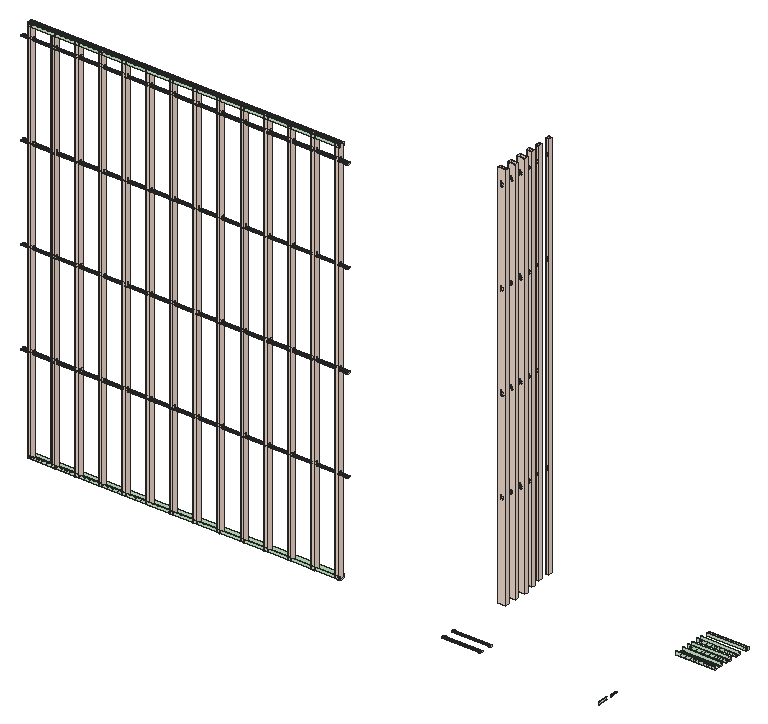
Revit family "SQ-PowerBar.", category 一般モデル, Revit 2022 (continued)
Definition of nested family "SQ-PowerBar4565"
  Automatic sketch dimensions
    Extrusion 5 sketch curve to Extrusion 5 sketch curve = 1.079 mm
    Extrusion 5 sketch curve to Extrusion 5 sketch curve = 1.709 mm
    Extrusion 5 sketch curve to Extrusion 5 sketch curve = 2.5 mm  (x2)
    Extrusion 5 sketch curve to Extrusion 5 sketch curve = 2.349 mm  (x2)
    Extrusion 5 sketch curve to Extrusion 5 sketch curve = 3.036 mm  (x2)
    Extrusion 5 sketch curve to Extrusion 5 sketch curve = 0.615 mm  (x2)
    Extrusion 5 sketch curve to Extrusion 5 sketch curve = 2.803 mm  (x2)
    Extrusion 5 sketch curve to Extrusion 5 sketch curve = 2.545 mm  (x2)
    Extrusion 5 sketch curve to Extrusion 5 sketch curve = 11.922 mm
    Extrusion 5 sketch curve to Extrusion 5 sketch curve = 3.078 mm
    Extrusion 5 sketch curve to Extrusion 5 sketch curve = 17.889 mm
    Extrusion 5 sketch curve to Extrusion 5 sketch curve = 5.611 mm
    Extrusion 5 sketch curve to Extrusion 5 sketch curve = 1.772 mm
Definition of nested family "SQ-PowerBar45100(t0.45) "
  Parameters (values of type "SQ-PowerBar45100(t0.45) ")
    Manufacturer = "株式会社桐井製作所"
    Default Elevation = 0 mm
    振れ止め本数 [instance] = roundup(([K_長さ(mm)] - 1200 mm) * 1 / 振れ止めピッチ) * 1  # 4
    振れ止めピッチ = 1200 mm  # constant formula
    URL = "https://www.kirii.co.jp/"
    K_長さ(mm) [instance] = 5000 mm
    K_外形寸法(mm) = "45×100×0.45"
    K_品名 = "SQ-PowerBar45100(t0.45)"
    K_名称 = "スタッド"
    K_バージョン情報 = "20210714"
  Reference planes
    plane 1 "中心(正面/背面)": y = 0
    plane 2: z = 0
    plane 3 "中心(左/右)": x = 0
    plane 4: x = 50
    plane 5: x = -50
    plane 6: y = 22.5
    plane 7: z = 5000
    plane 8: y = -22.5
    plane 9: z = 1200
  Forms (mm)
    Extrusion 1, solid
      sketch origin (0.5, -20, 0) x (1, 0, 0) y (0, 1, 0)
        loop
          line (-50.5, 42.5) -> (-50.5, -2.5) -> (49.5, -2.5) -> (49.5, 42.5) -> (-50.5, 42.5)
        loop
          line (-50.05, 42.05) -> (-50.05, -2.05) -> (49.05, -2.05) -> (49.05, 42.05) -> (-50.05, 42.05)
      from 0 to 5000
    Extrusion 2, void
      sketch origin (0, 0, 0) x (1, 0, 0) y (0, 0, 1)
        loop
          line (-11, 1200) -> (11, 1200) -> (11, 1202.5) -> (17, 1202.5)
          arc (17, 1202.5) -> (18.637, 1203.351) -> (18.881, 1205.18) r 2
          line (18.881, 1205.18) -> (17.907, 1207.885)
          arc (17.907, 1207.885) -> (17.8, 1208.52) -> (17.921, 1209.153) r 1.817
          line (17.921, 1209.153) -> (19, 1211.955) -> (19, 1214.5) -> (20.772, 1226.411)
          arc (20.772, 1226.411) -> (19.036, 1238.367) -> (11, 1247.389) r 21
          line (11, 1247.389) -> (11, 1253) -> (-11, 1253) -> (-11, 1247.389)
          arc (-11, 1247.389) -> (-19.034, 1238.372) -> (-20.773, 1226.422) r 21
          line (-20.773, 1226.422) -> (-19, 1214.5) -> (-19, 1211.955) -> (-17.921, 1209.153)
          arc (-17.921, 1209.153) -> (-17.8, 1208.52) -> (-17.907, 1207.885) r 1.817
          line (-17.907, 1207.885) -> (-18.881, 1205.18)
          arc (-18.881, 1205.18) -> (-18.637, 1203.351) -> (-17, 1202.5) r 2
          line (-17, 1202.5) -> (-11, 1202.5) -> (-11, 1200)
      from -22.5 to 22.5
    Extrusion 3, void
      sketch origin (0, 0, 1200) x (1, 0, 0) y (0, 0, 1)
        loop
          line (-11, 1200) -> (11, 1200) -> (11, 1202.5) -> (17, 1202.5)
          arc (17, 1202.5) -> (18.637, 1203.351) -> (18.881, 1205.18) r 2
          line (18.881, 1205.18) -> (17.907, 1207.885)
          arc (17.907, 1207.885) -> (17.8, 1208.52) -> (17.921, 1209.153) r 1.817
          line (17.921, 1209.153) -> (19, 1211.955) -> (19, 1214.5) -> (20.772, 1226.411)
          arc (20.772, 1226.411) -> (19.036, 1238.367) -> (11, 1247.389) r 21
          line (11, 1247.389) -> (11, 1253) -> (-11, 1253) -> (-11, 1247.389)
          arc (-11, 1247.389) -> (-19.034, 1238.372) -> (-20.773, 1226.422) r 21
          line (-20.773, 1226.422) -> (-19, 1214.5) -> (-19, 1211.955) -> (-17.921, 1209.153)
          arc (-17.921, 1209.153) -> (-17.8, 1208.52) -> (-17.907, 1207.885) r 1.817
          line (-17.907, 1207.885) -> (-18.881, 1205.18)
          arc (-18.881, 1205.18) -> (-18.637, 1203.351) -> (-17, 1202.5) r 2
          line (-17, 1202.5) -> (-11, 1202.5) -> (-11, 1200)
      from -22.5 to 22.5
    Extrusion 4, void
      sketch origin (0, 0, 2400) x (1, 0, 0) y (0, 0, 1)
        loop
          line (-11, 1200) -> (11, 1200) -> (11, 1202.5) -> (17, 1202.5)
          arc (17, 1202.5) -> (18.637, 1203.351) -> (18.881, 1205.18) r 2
          line (18.881, 1205.18) -> (17.907, 1207.885)
          arc (17.907, 1207.885) -> (17.8, 1208.52) -> (17.921, 1209.153) r 1.817
          line (17.921, 1209.153) -> (19, 1211.955) -> (19, 1214.5) -> (20.772, 1226.411)
          arc (20.772, 1226.411) -> (19.036, 1238.367) -> (11, 1247.389) r 21
          line (11, 1247.389) -> (11, 1253) -> (-11, 1253) -> (-11, 1247.389)
          arc (-11, 1247.389) -> (-19.034, 1238.372) -> (-20.773, 1226.422) r 21
          line (-20.773, 1226.422) -> (-19, 1214.5) -> (-19, 1211.955) -> (-17.921, 1209.153)
          arc (-17.921, 1209.153) -> (-17.8, 1208.52) -> (-17.907, 1207.885) r 1.817
          line (-17.907, 1207.885) -> (-18.881, 1205.18)
          arc (-18.881, 1205.18) -> (-18.637, 1203.351) -> (-17, 1202.5) r 2
          line (-17, 1202.5) -> (-11, 1202.5) -> (-11, 1200)
      from -22.5 to 22.5
    Extrusion 5, void
      sketch origin (0, 0, 3600) x (1, 0, 0) y (0, 0, 1)
        loop
          line (-11, 1200) -> (11, 1200) -> (11, 1202.5) -> (17, 1202.5)
          arc (17, 1202.5) -> (18.637, 1203.351) -> (18.881, 1205.18) r 2
          line (18.881, 1205.18) -> (17.907, 1207.885)
          arc (17.907, 1207.885) -> (17.8, 1208.52) -> (17.921, 1209.153) r 1.817
          line (17.921, 1209.153) -> (19, 1211.955) -> (19, 1214.5) -> (20.772, 1226.411)
          arc (20.772, 1226.411) -> (19.036, 1238.367) -> (11, 1247.389) r 21
          line (11, 1247.389) -> (11, 1253) -> (-11, 1253) -> (-11, 1247.389)
          arc (-11, 1247.389) -> (-19.034, 1238.372) -> (-20.773, 1226.422) r 21
          line (-20.773, 1226.422) -> (-19, 1214.5) -> (-19, 1211.955) -> (-17.921, 1209.153)
          arc (-17.921, 1209.153) -> (-17.8, 1208.52) -> (-17.907, 1207.885) r 1.817
          line (-17.907, 1207.885) -> (-18.881, 1205.18)
          arc (-18.881, 1205.18) -> (-18.637, 1203.351) -> (-17, 1202.5) r 2
          line (-17, 1202.5) -> (-11, 1202.5) -> (-11, 1200)
      from -22.5 to 22.5
  Cuts and joins
    Extrusion 2, Extrusion 3, Extrusion 4, Extrusion 5 cuts Extrusion 1
  Dimensions and locks
    "K_長さ(mm)": plane 7 to level
    "振れ止めピッチ": plane 9 to plane 2
    equal spacing: group 1, group 2, group 3, group 4  (x3)
    aligned and locked: level to plane 2
    aligned and locked: Extrusion 1 sketch curve to plane 6
    aligned and locked: plane 7 to Extrusion 1
    aligned and locked: plane 6 to Extrusion 1
    aligned and locked: Extrusion 1 to plane 8
    aligned and locked: plane 4 to Extrusion 1
    aligned and locked: Extrusion 1 to plane 5
    aligned and locked: plane 4 to cut or joined group of Extrusion 1, Extrusion 2, Extrusion 3, Extrusion 4, Extrusion 5
    aligned and locked: plane 5 to cut or joined group of Extrusion 1, Extrusion 2, Extrusion 3, Extrusion 4, Extrusion 5
    aligned and locked: plane 8 to cut or joined group of Extrusion 1, Extrusion 2, Extrusion 3, Extrusion 4, Extrusion 5
    aligned and locked: cut or joined group of Extrusion 1, Extrusion 2, Extrusion 3, Extrusion 4, Extrusion 5 to plane 9
  Automatic sketch dimensions
    Extrusion 1 sketch curve to plane 5 = 0 mm
    Extrusion 1 sketch curve to plane 4 = 0 mm
    Extrusion 1 sketch curve to plane 8 = 0 mm
    plane 5 to Extrusion 1 sketch curve = 0.45 mm
    Extrusion 1 sketch curve to plane 4 = 0.45 mm
    plane 8 to Extrusion 1 sketch curve = 0.45 mm
    Extrusion 1 sketch curve to plane 6 = 0.45 mm
    Extrusion 2 sketch curve to Extrusion 2 sketch curve = 0 mm  (x4)
    Extrusion 2 sketch curve to Extrusion 2 sketch curve = 1.156 mm
    Extrusion 2 sketch curve to Extrusion 2 sketch curve = 0.617 mm
    Extrusion 2 sketch curve to Extrusion 2 sketch curve = 0.736 mm
    Extrusion 2 sketch curve to Extrusion 2 sketch curve = 1.695 mm  (x2)
    Extrusion 2 sketch curve to Extrusion 2 sketch curve = 0.014 mm  (x2)
    Extrusion 2 sketch curve to Extrusion 2 sketch curve = 1.881 mm  (x2)
    Extrusion 2 sketch curve to Extrusion 2 sketch curve = 9.773 mm
    Extrusion 2 sketch curve to Extrusion 2 sketch curve = 6 mm  (x2)
    Extrusion 2 sketch curve to Extrusion 2 sketch curve = 11 mm
    Extrusion 2 sketch curve to Extrusion 2 sketch curve = 22 mm  (x2)
    Extrusion 2 sketch curve to Extrusion 2 sketch curve = 0.907 mm
    Extrusion 2 sketch curve to Extrusion 2 sketch curve = 1.079 mm
    Extrusion 2 sketch curve to Extrusion 2 sketch curve = 2.5 mm  (x2)
    Extrusion 2 sketch curve to Extrusion 2 sketch curve = 2 mm  (x2)
    Extrusion 2 sketch curve to Extrusion 2 sketch curve = 2.705 mm  (x2)
    Extrusion 2 sketch curve to Extrusion 2 sketch curve = 0.615 mm  (x2)
    Extrusion 2 sketch curve to Extrusion 2 sketch curve = 2.803 mm  (x2)
    Extrusion 2 sketch curve to Extrusion 2 sketch curve = 2.545 mm  (x2)
    Extrusion 2 sketch curve to Extrusion 2 sketch curve = 11.922 mm
    Extrusion 2 sketch curve to Extrusion 2 sketch curve = 3.078 mm
    Extrusion 2 sketch curve to Extrusion 2 sketch curve = 17.889 mm
    Extrusion 2 sketch curve to Extrusion 2 sketch curve = 5.611 mm
    Extrusion 2 sketch curve to Extrusion 2 sketch curve = 1.772 mm
    Extrusion 3 sketch curve to Extrusion 3 sketch curve = 0 mm  (x4)
    Extrusion 3 sketch curve to Extrusion 3 sketch curve = 1.156 mm
    Extrusion 3 sketch curve to Extrusion 3 sketch curve = 0.617 mm
    Extrusion 3 sketch curve to Extrusion 3 sketch curve = 0.736 mm
    Extrusion 3 sketch curve to Extrusion 3 sketch curve = 1.695 mm  (x2)
    Extrusion 3 sketch curve to Extrusion 3 sketch curve = 0.014 mm  (x2)
    Extrusion 3 sketch curve to Extrusion 3 sketch curve = 1.881 mm  (x2)
    Extrusion 3 sketch curve to Extrusion 3 sketch curve = 9.773 mm
    Extrusion 3 sketch curve to Extrusion 3 sketch curve = 6 mm  (x2)
    Extrusion 3 sketch curve to Extrusion 3 sketch curve = 11 mm
    Extrusion 3 sketch curve to Extrusion 3 sketch curve = 22 mm  (x2)
    Extrusion 3 sketch curve to Extrusion 3 sketch curve = 0.907 mm
    Extrusion 3 sketch curve to Extrusion 3 sketch curve = 1.079 mm
    Extrusion 3 sketch curve to Extrusion 3 sketch curve = 2.5 mm  (x2)
    Extrusion 3 sketch curve to Extrusion 3 sketch curve = 2 mm  (x2)
    Extrusion 3 sketch curve to Extrusion 3 sketch curve = 2.705 mm  (x2)
    Extrusion 3 sketch curve to Extrusion 3 sketch curve = 0.615 mm  (x2)
    Extrusion 3 sketch curve to Extrusion 3 sketch curve = 2.803 mm  (x2)
    Extrusion 3 sketch curve to Extrusion 3 sketch curve = 2.545 mm  (x2)
    Extrusion 3 sketch curve to Extrusion 3 sketch curve = 11.922 mm
    Extrusion 3 sketch curve to Extrusion 3 sketch curve = 3.078 mm
    Extrusion 3 sketch curve to Extrusion 3 sketch curve = 17.889 mm
    Extrusion 3 sketch curve to Extrusion 3 sketch curve = 5.611 mm
    Extrusion 3 sketch curve to Extrusion 3 sketch curve = 1.772 mm
    Extrusion 4 sketch curve to Extrusion 4 sketch curve = 0 mm  (x4)
    Extrusion 4 sketch curve to Extrusion 4 sketch curve = 1.156 mm
    Extrusion 4 sketch curve to Extrusion 4 sketch curve = 0.617 mm
    Extrusion 4 sketch curve to Extrusion 4 sketch curve = 0.736 mm
    Extrusion 4 sketch curve to Extrusion 4 sketch curve = 1.695 mm  (x2)
    Extrusion 4 sketch curve to Extrusion 4 sketch curve = 0.014 mm  (x2)
    Extrusion 4 sketch curve to Extrusion 4 sketch curve = 1.881 mm  (x2)
    Extrusion 4 sketch curve to Extrusion 4 sketch curve = 9.773 mm
    Extrusion 4 sketch curve to Extrusion 4 sketch curve = 6 mm  (x2)
    Extrusion 4 sketch curve to Extrusion 4 sketch curve = 11 mm
    Extrusion 4 sketch curve to Extrusion 4 sketch curve = 22 mm  (x2)
    Extrusion 4 sketch curve to Extrusion 4 sketch curve = 0.907 mm
    Extrusion 4 sketch curve to Extrusion 4 sketch curve = 1.079 mm
    Extrusion 4 sketch curve to Extrusion 4 sketch curve = 2.5 mm  (x2)
    Extrusion 4 sketch curve to Extrusion 4 sketch curve = 2 mm  (x2)
    Extrusion 4 sketch curve to Extrusion 4 sketch curve = 2.705 mm  (x2)
    Extrusion 4 sketch curve to Extrusion 4 sketch curve = 0.615 mm  (x2)
    Extrusion 4 sketch curve to Extrusion 4 sketch curve = 2.803 mm  (x2)
    Extrusion 4 sketch curve to Extrusion 4 sketch curve = 2.545 mm  (x2)
    Extrusion 4 sketch curve to Extrusion 4 sketch curve = 11.922 mm
    Extrusion 4 sketch curve to Extrusion 4 sketch curve = 3.078 mm
    Extrusion 4 sketch curve to Extrusion 4 sketch curve = 17.889 mm
    Extrusion 4 sketch curve to Extrusion 4 sketch curve = 5.611 mm
    Extrusion 4 sketch curve to Extrusion 4 sketch curve = 1.772 mm
    Extrusion 5 sketch curve to Extrusion 5 sketch curve = 0 mm  (x4)
    Extrusion 5 sketch curve to Extrusion 5 sketch curve = 1.156 mm
    Extrusion 5 sketch curve to Extrusion 5 sketch curve = 0.617 mm
    Extrusion 5 sketch curve to Extrusion 5 sketch curve = 0.736 mm
    Extrusion 5 sketch curve to Extrusion 5 sketch curve = 1.695 mm  (x2)
    Extrusion 5 sketch curve to Extrusion 5 sketch curve = 0.014 mm  (x2)
    Extrusion 5 sketch curve to Extrusion 5 sketch curve = 1.881 mm  (x2)
    Extrusion 5 sketch curve to Extrusion 5 sketch curve = 9.773 mm
    Extrusion 5 sketch curve to Extrusion 5 sketch curve = 6 mm  (x2)
    Extrusion 5 sketch curve to Extrusion 5 sketch curve = 11 mm
    Extrusion 5 sketch curve to Extrusion 5 sketch curve = 22 mm  (x2)
    Extrusion 5 sketch curve to Extrusion 5 sketch curve = 0.907 mm
    Extrusion 5 sketch curve to Extrusion 5 sketch curve = 1.079 mm
    Extrusion 5 sketch curve to Extrusion 5 sketch curve = 2.5 mm  (x2)
    Extrusion 5 sketch curve to Extrusion 5 sketch curve = 2 mm  (x2)
    Extrusion 5 sketch curve to Extrusion 5 sketch curve = 2.705 mm  (x2)
    Extrusion 5 sketch curve to Extrusion 5 sketch curve = 0.615 mm  (x2)
    Extrusion 5 sketch curve to Extrusion 5 sketch curve = 2.803 mm  (x2)
    Extrusion 5 sketch curve to Extrusion 5 sketch curve = 2.545 mm  (x2)
    Extrusion 5 sketch curve to Extrusion 5 sketch curve = 11.922 mm
    Extrusion 5 sketch curve to Extrusion 5 sketch curve = 3.078 mm
    Extrusion 5 sketch curve to Extrusion 5 sketch curve = 17.889 mm
    Extrusion 5 sketch curve to Extrusion 5 sketch curve = 5.611 mm
    Extrusion 5 sketch curve to Extrusion 5 sketch curve = 1.772 mm
Definition of nested family "SQ-PowerBar45100(t1.0)"
  Parameters (values of type "SQ-PowerBar45100(t1.0)")
    Manufacturer = "株式会社桐井製作所"
    Default Elevation = 0 mm
    振れ止め本数 [instance] = roundup(([K_長さ(mm)] - 1200 mm) * 1 / 振れ止めピッチ) * 1  # 4
    振れ止めピッチ = 1200 mm  # constant formula
    URL = "https://www.kirii.co.jp/"
    K_長さ(mm) [instance] = 5000 mm
    K_断面積A(mm2) = 283.4
    K_断面係数Zy(mm3) = 4831
    K_断面係数Zx(mm3) = 7420
    K_断面2次半径iy(mm) = 19.6
    K_断面2次半径ix(mm) = 36.2
    K_断面2次モーメントIy(mm4) = 108700
    K_断面2次モーメントIx(mm4) = 37100
    K_外形寸法(mm) = "45×100×1.0"
    K_品名 = "SQ-PowerBar45100(t1.0)"
    K_名称 = "スタッド"
    K_単位質量(kg/m) = 2.259
    K_ヤング係数E(N/mm2) = 205000
    K_バージョン情報 = "20210714"
  Reference planes
    plane 1 "中心(正面/背面)": y = 0
    plane 2: z = 0
    plane 3 "中心(左/右)": x = 0
    plane 4: x = 50
    plane 5: x = -50
    plane 6: y = 22.5
    plane 7: z = 5000
    plane 8: y = -22.5
    plane 9: z = 1200
  Forms (mm)
    Extrusion 1, solid
      sketch origin (0.5, -20, 0) x (1, 0, 0) y (0, 1, 0)
        loop
          line (-50.5, 42.5) -> (-50.5, -2.5) -> (49.5, -2.5) -> (49.5, 42.5) -> (-50.5, 42.5)
        loop
          line (-49.5, -1.5) -> (48.5, -1.5) -> (48.5, 41.5) -> (-49.5, 41.5) -> (-49.5, -1.5)
      from 0 to 5000
    Extrusion 2, void
      sketch origin (0, 0, 0) x (1, 0, 0) y (0, 0, 1)
        loop
          line (-11, 1200) -> (11, 1200) -> (11, 1202.5) -> (17, 1202.5)
          arc (17, 1202.5) -> (18.637, 1203.351) -> (18.881, 1205.18) r 2
          line (18.881, 1205.18) -> (17.907, 1207.885)
          arc (17.907, 1207.885) -> (17.8, 1208.52) -> (17.921, 1209.153) r 1.817
          line (17.921, 1209.153) -> (19, 1211.955) -> (19, 1214.5) -> (20.772, 1226.411)
          arc (20.772, 1226.411) -> (19.036, 1238.367) -> (11, 1247.389) r 21
          line (11, 1247.389) -> (11, 1253) -> (-11, 1253) -> (-11, 1247.389)
          arc (-11, 1247.389) -> (-19.034, 1238.372) -> (-20.773, 1226.422) r 21
          line (-20.773, 1226.422) -> (-19, 1214.5) -> (-19, 1211.955) -> (-17.921, 1209.153)
          arc (-17.921, 1209.153) -> (-17.8, 1208.52) -> (-17.907, 1207.885) r 1.817
          line (-17.907, 1207.885) -> (-18.881, 1205.18)
          arc (-18.881, 1205.18) -> (-18.637, 1203.351) -> (-17, 1202.5) r 2
          line (-17, 1202.5) -> (-11, 1202.5) -> (-11, 1200)
      from -22.5 to 22.5
    Extrusion 3, void
      sketch origin (0, 0, 1200) x (1, 0, 0) y (0, 0, 1)
        loop
          line (-11, 1200) -> (11, 1200) -> (11, 1202.5) -> (17, 1202.5)
          arc (17, 1202.5) -> (18.637, 1203.351) -> (18.881, 1205.18) r 2
          line (18.881, 1205.18) -> (17.907, 1207.885)
          arc (17.907, 1207.885) -> (17.8, 1208.52) -> (17.921, 1209.153) r 1.817
          line (17.921, 1209.153) -> (19, 1211.955) -> (19, 1214.5) -> (20.772, 1226.411)
          arc (20.772, 1226.411) -> (19.036, 1238.367) -> (11, 1247.389) r 21
          line (11, 1247.389) -> (11, 1253) -> (-11, 1253) -> (-11, 1247.389)
          arc (-11, 1247.389) -> (-19.034, 1238.372) -> (-20.773, 1226.422) r 21
          line (-20.773, 1226.422) -> (-19, 1214.5) -> (-19, 1211.955) -> (-17.921, 1209.153)
          arc (-17.921, 1209.153) -> (-17.8, 1208.52) -> (-17.907, 1207.885) r 1.817
          line (-17.907, 1207.885) -> (-18.881, 1205.18)
          arc (-18.881, 1205.18) -> (-18.637, 1203.351) -> (-17, 1202.5) r 2
          line (-17, 1202.5) -> (-11, 1202.5) -> (-11, 1200)
      from -22.5 to 22.5
    Extrusion 4, void
      sketch origin (0, 0, 2400) x (1, 0, 0) y (0, 0, 1)
        loop
          line (-11, 1200) -> (11, 1200) -> (11, 1202.5) -> (17, 1202.5)
          arc (17, 1202.5) -> (18.637, 1203.351) -> (18.881, 1205.18) r 2
          line (18.881, 1205.18) -> (17.907, 1207.885)
          arc (17.907, 1207.885) -> (17.8, 1208.52) -> (17.921, 1209.153) r 1.817
          line (17.921, 1209.153) -> (19, 1211.955) -> (19, 1214.5) -> (20.772, 1226.411)
          arc (20.772, 1226.411) -> (19.036, 1238.367) -> (11, 1247.389) r 21
          line (11, 1247.389) -> (11, 1253) -> (-11, 1253) -> (-11, 1247.389)
          arc (-11, 1247.389) -> (-19.034, 1238.372) -> (-20.773, 1226.422) r 21
          line (-20.773, 1226.422) -> (-19, 1214.5) -> (-19, 1211.955) -> (-17.921, 1209.153)
          arc (-17.921, 1209.153) -> (-17.8, 1208.52) -> (-17.907, 1207.885) r 1.817
          line (-17.907, 1207.885) -> (-18.881, 1205.18)
          arc (-18.881, 1205.18) -> (-18.637, 1203.351) -> (-17, 1202.5) r 2
          line (-17, 1202.5) -> (-11, 1202.5) -> (-11, 1200)
      from -22.5 to 22.5
    Extrusion 5, void
      sketch origin (0, 0, 3600) x (1, 0, 0) y (0, 0, 1)
        loop
          line (-11, 1200) -> (11, 1200) -> (11, 1202.5) -> (17, 1202.5)
          arc (17, 1202.5) -> (18.637, 1203.351) -> (18.881, 1205.18) r 2
          line (18.881, 1205.18) -> (17.907, 1207.885)
          arc (17.907, 1207.885) -> (17.8, 1208.52) -> (17.921, 1209.153) r 1.817
          line (17.921, 1209.153) -> (19, 1211.955) -> (19, 1214.5) -> (20.772, 1226.411)
          arc (20.772, 1226.411) -> (19.036, 1238.367) -> (11, 1247.389) r 21
          line (11, 1247.389) -> (11, 1253) -> (-11, 1253) -> (-11, 1247.389)
          arc (-11, 1247.389) -> (-19.034, 1238.372) -> (-20.773, 1226.422) r 21
          line (-20.773, 1226.422) -> (-19, 1214.5) -> (-19, 1211.955) -> (-17.921, 1209.153)
          arc (-17.921, 1209.153) -> (-17.8, 1208.52) -> (-17.907, 1207.885) r 1.817
          line (-17.907, 1207.885) -> (-18.881, 1205.18)
          arc (-18.881, 1205.18) -> (-18.637, 1203.351) -> (-17, 1202.5) r 2
          line (-17, 1202.5) -> (-11, 1202.5) -> (-11, 1200)
      from -22.5 to 22.5
  Cuts and joins
    Extrusion 2, Extrusion 3, Extrusion 4, Extrusion 5 cuts Extrusion 1
  Dimensions and locks
    "K_長さ(mm)": plane 7 to level
    "振れ止めピッチ": plane 9 to plane 2
    equal spacing: group 1, group 2, group 3, group 4  (x3)
    aligned and locked: level to plane 2
    aligned and locked: Extrusion 1 sketch curve to plane 6
    aligned and locked: plane 7 to Extrusion 1
    aligned and locked: plane 6 to Extrusion 1
    aligned and locked: Extrusion 1 to plane 8
    aligned and locked: plane 4 to Extrusion 1
    aligned and locked: Extrusion 1 to plane 5
    aligned and locked: plane 4 to cut or joined group of Extrusion 1, Extrusion 2, Extrusion 3, Extrusion 4, Extrusion 5
    aligned and locked: plane 5 to cut or joined group of Extrusion 1, Extrusion 2, Extrusion 3, Extrusion 4, Extrusion 5
    aligned and locked: plane 8 to cut or joined group of Extrusion 1, Extrusion 2, Extrusion 3, Extrusion 4, Extrusion 5
    aligned and locked: cut or joined group of Extrusion 1, Extrusion 2, Extrusion 3, Extrusion 4, Extrusion 5 to plane 9
  Automatic sketch dimensions
    Extrusion 2 sketch curve to Extrusion 2 sketch curve = 0 mm  (x4)
    Extrusion 2 sketch curve to Extrusion 2 sketch curve = 1.156 mm
    Extrusion 2 sketch curve to Extrusion 2 sketch curve = 0.617 mm
    Extrusion 2 sketch curve to Extrusion 2 sketch curve = 0.736 mm
    Extrusion 2 sketch curve to Extrusion 2 sketch curve = 1.695 mm  (x2)
    Extrusion 2 sketch curve to Extrusion 2 sketch curve = 0.014 mm  (x2)
    Extrusion 2 sketch curve to Extrusion 2 sketch curve = 1.881 mm  (x2)
    Extrusion 2 sketch curve to Extrusion 2 sketch curve = 9.773 mm
    Extrusion 2 sketch curve to Extrusion 2 sketch curve = 6 mm  (x2)
    Extrusion 2 sketch curve to Extrusion 2 sketch curve = 11 mm
    Extrusion 2 sketch curve to Extrusion 2 sketch curve = 22 mm  (x2)
    Extrusion 2 sketch curve to Extrusion 2 sketch curve = 0.907 mm
    Extrusion 2 sketch curve to Extrusion 2 sketch curve = 1.079 mm
    Extrusion 2 sketch curve to Extrusion 2 sketch curve = 2.5 mm  (x2)
    Extrusion 2 sketch curve to Extrusion 2 sketch curve = 2 mm  (x2)
    Extrusion 2 sketch curve to Extrusion 2 sketch curve = 2.705 mm  (x2)
    Extrusion 2 sketch curve to Extrusion 2 sketch curve = 0.615 mm  (x2)
    Extrusion 2 sketch curve to Extrusion 2 sketch curve = 2.803 mm  (x2)
    Extrusion 2 sketch curve to Extrusion 2 sketch curve = 2.545 mm  (x2)
    Extrusion 2 sketch curve to Extrusion 2 sketch curve = 11.922 mm
    Extrusion 2 sketch curve to Extrusion 2 sketch curve = 3.078 mm
    Extrusion 2 sketch curve to Extrusion 2 sketch curve = 17.889 mm
    Extrusion 2 sketch curve to Extrusion 2 sketch curve = 5.611 mm
    Extrusion 2 sketch curve to Extrusion 2 sketch curve = 1.772 mm
    Extrusion 3 sketch curve to Extrusion 3 sketch curve = 0 mm  (x4)
    Extrusion 3 sketch curve to Extrusion 3 sketch curve = 1.156 mm
    Extrusion 3 sketch curve to Extrusion 3 sketch curve = 0.617 mm
    Extrusion 3 sketch curve to Extrusion 3 sketch curve = 0.736 mm
    Extrusion 3 sketch curve to Extrusion 3 sketch curve = 1.695 mm  (x2)
    Extrusion 3 sketch curve to Extrusion 3 sketch curve = 0.014 mm  (x2)
    Extrusion 3 sketch curve to Extrusion 3 sketch curve = 1.881 mm  (x2)
    Extrusion 3 sketch curve to Extrusion 3 sketch curve = 9.773 mm
    Extrusion 3 sketch curve to Extrusion 3 sketch curve = 6 mm  (x2)
    Extrusion 3 sketch curve to Extrusion 3 sketch curve = 11 mm
    Extrusion 3 sketch curve to Extrusion 3 sketch curve = 22 mm  (x2)
    Extrusion 3 sketch curve to Extrusion 3 sketch curve = 0.907 mm
    Extrusion 3 sketch curve to Extrusion 3 sketch curve = 1.079 mm
    Extrusion 3 sketch curve to Extrusion 3 sketch curve = 2.5 mm  (x2)
    Extrusion 3 sketch curve to Extrusion 3 sketch curve = 2 mm  (x2)
    Extrusion 3 sketch curve to Extrusion 3 sketch curve = 2.705 mm  (x2)
    Extrusion 3 sketch curve to Extrusion 3 sketch curve = 0.615 mm  (x2)
    Extrusion 3 sketch curve to Extrusion 3 sketch curve = 2.803 mm  (x2)
    Extrusion 3 sketch curve to Extrusion 3 sketch curve = 2.545 mm  (x2)
    Extrusion 3 sketch curve to Extrusion 3 sketch curve = 11.922 mm
    Extrusion 3 sketch curve to Extrusion 3 sketch curve = 3.078 mm
    Extrusion 3 sketch curve to Extrusion 3 sketch curve = 17.889 mm
    Extrusion 3 sketch curve to Extrusion 3 sketch curve = 5.611 mm
    Extrusion 3 sketch curve to Extrusion 3 sketch curve = 1.772 mm
    Extrusion 4 sketch curve to Extrusion 4 sketch curve = 0 mm  (x4)
    Extrusion 4 sketch curve to Extrusion 4 sketch curve = 1.156 mm
    Extrusion 4 sketch curve to Extrusion 4 sketch curve = 0.617 mm
    Extrusion 4 sketch curve to Extrusion 4 sketch curve = 0.736 mm
    Extrusion 4 sketch curve to Extrusion 4 sketch curve = 1.695 mm  (x2)
    Extrusion 4 sketch curve to Extrusion 4 sketch curve = 0.014 mm  (x2)
    Extrusion 4 sketch curve to Extrusion 4 sketch curve = 1.881 mm  (x2)
    Extrusion 4 sketch curve to Extrusion 4 sketch curve = 9.773 mm
    Extrusion 4 sketch curve to Extrusion 4 sketch curve = 6 mm  (x2)
    Extrusion 4 sketch curve to Extrusion 4 sketch curve = 11 mm
    Extrusion 4 sketch curve to Extrusion 4 sketch curve = 22 mm  (x2)
    Extrusion 4 sketch curve to Extrusion 4 sketch curve = 0.907 mm
    Extrusion 4 sketch curve to Extrusion 4 sketch curve = 1.079 mm
    Extrusion 4 sketch curve to Extrusion 4 sketch curve = 2.5 mm  (x2)
    Extrusion 4 sketch curve to Extrusion 4 sketch curve = 2 mm  (x2)
    Extrusion 4 sketch curve to Extrusion 4 sketch curve = 2.705 mm  (x2)
    Extrusion 4 sketch curve to Extrusion 4 sketch curve = 0.615 mm  (x2)
    Extrusion 4 sketch curve to Extrusion 4 sketch curve = 2.803 mm  (x2)
    Extrusion 4 sketch curve to Extrusion 4 sketch curve = 2.545 mm  (x2)
    Extrusion 4 sketch curve to Extrusion 4 sketch curve = 11.922 mm
    Extrusion 4 sketch curve to Extrusion 4 sketch curve = 3.078 mm
    Extrusion 4 sketch curve to Extrusion 4 sketch curve = 17.889 mm
    Extrusion 4 sketch curve to Extrusion 4 sketch curve = 5.611 mm
    Extrusion 4 sketch curve to Extrusion 4 sketch curve = 1.772 mm
    Extrusion 5 sketch curve to Extrusion 5 sketch curve = 0 mm  (x4)
    Extrusion 5 sketch curve to Extrusion 5 sketch curve = 1.156 mm
    Extrusion 5 sketch curve to Extrusion 5 sketch curve = 0.617 mm
    Extrusion 5 sketch curve to Extrusion 5 sketch curve = 0.736 mm
    Extrusion 5 sketch curve to Extrusion 5 sketch curve = 1.695 mm  (x2)
    Extrusion 5 sketch curve to Extrusion 5 sketch curve = 0.014 mm  (x2)
    Extrusion 5 sketch curve to Extrusion 5 sketch curve = 1.881 mm  (x2)
    Extrusion 5 sketch curve to Extrusion 5 sketch curve = 9.773 mm
    Extrusion 5 sketch curve to Extrusion 5 sketch curve = 6 mm  (x2)
    Extrusion 5 sketch curve to Extrusion 5 sketch curve = 11 mm
    Extrusion 5 sketch curve to Extrusion 5 sketch curve = 22 mm  (x2)
    Extrusion 5 sketch curve to Extrusion 5 sketch curve = 0.907 mm
    Extrusion 5 sketch curve to Extrusion 5 sketch curve = 1.079 mm
    Extrusion 5 sketch curve to Extrusion 5 sketch curve = 2.5 mm  (x2)
    Extrusion 5 sketch curve to Extrusion 5 sketch curve = 2 mm  (x2)
    Extrusion 5 sketch curve to Extrusion 5 sketch curve = 2.705 mm  (x2)
    Extrusion 5 sketch curve to Extrusion 5 sketch curve = 0.615 mm  (x2)
    Extrusion 5 sketch curve to Extrusion 5 sketch curve = 2.803 mm  (x2)
    Extrusion 5 sketch curve to Extrusion 5 sketch curve = 2.545 mm  (x2)
    Extrusion 5 sketch curve to Extrusion 5 sketch curve = 11.922 mm
    Extrusion 5 sketch curve to Extrusion 5 sketch curve = 3.078 mm
    Extrusion 5 sketch curve to Extrusion 5 sketch curve = 17.889 mm
    Extrusion 5 sketch curve to Extrusion 5 sketch curve = 5.611 mm
    Extrusion 5 sketch curve to Extrusion 5 sketch curve = 1.772 mm
    Extrusion 1 sketch curve to plane 5 = 0 mm
    Extrusion 1 sketch curve to plane 8 = 0 mm
    Extrusion 1 sketch curve to plane 4 = 1 mm
    Extrusion 1 sketch curve to plane 6 = 1 mm
    plane 8 to Extrusion 1 sketch curve = 1 mm
    plane 5 to Extrusion 1 sketch curve = 1 mm
    Extrusion 1 sketch curve to plane 4 = 0 mm
Definition of nested family "SQ-PowerBar45100(t1.2)"
  Parameters (values of type "SQ-PowerBar45100(t1.2)")
    Manufacturer = "株式会社桐井製作所"
    Default Elevation = 0 mm
    振れ止め本数 [instance] = roundup(([K_長さ(mm)] - 1200 mm) * 1 / 振れ止めピッチ) * 1  # 4
    振れ止めピッチ = 1200 mm  # constant formula
    URL = "https://www.kirii.co.jp/"
    K_長さ(mm) [instance] = 5000 mm
    K_断面積A(mm2) = 339.3
    K_断面係数Zy(mm3) = 5737
    K_断面係数Zx(mm3) = 8846
    K_断面2次半径iy(mm) = 19.5
    K_断面2次半径ix(mm) = 36.1
    K_断面2次モーメントIy(mm4) = 129100
    K_断面2次モーメントIx(mm4) = 442300
    K_外形寸法(mm) = "45×100×1.2"
    K_品名 = "SQ-PowerBar45100(t1.2)"
    K_名称 = "スタッド"
    K_単位質量(kg/m) = 2.715
    K_ヤング係数E(N/mm2) = 205000
    K_バージョン情報 = "20210714"
  Reference planes
    plane 1 "中心(正面/背面)": y = 0
    plane 2: z = 0
    plane 3 "中心(左/右)": x = 0
    plane 4: x = 50
    plane 5: x = -50
    plane 6: y = 22.5
    plane 7: z = 5000
    plane 8: y = -22.5
    plane 9: z = 1200
  Forms (mm)
    Extrusion 1, solid
      sketch origin (0.5, -20, 0) x (1, 0, 0) y (0, 1, 0)
        loop
          line (-50.5, 42.5) -> (-50.5, -2.5) -> (49.5, -2.5) -> (49.5, 42.5) -> (-50.5, 42.5)
        loop
          line (48.3, 41.3) -> (-49.3, 41.3) -> (-49.3, -1.3) -> (48.3, -1.3) -> (48.3, 41.3)
      from 0 to 5000
    Extrusion 2, void
      sketch origin (0, 0, 0) x (1, 0, 0) y (0, 0, 1)
        loop
          line (-11, 1200) -> (11, 1200) -> (11, 1202.5) -> (17, 1202.5)
          arc (17, 1202.5) -> (18.637, 1203.351) -> (18.881, 1205.18) r 2
          line (18.881, 1205.18) -> (17.907, 1207.885)
          arc (17.907, 1207.885) -> (17.8, 1208.52) -> (17.921, 1209.153) r 1.817
          line (17.921, 1209.153) -> (19, 1211.955) -> (19, 1214.5) -> (20.772, 1226.411)
          arc (20.772, 1226.411) -> (19.036, 1238.367) -> (11, 1247.389) r 21
          line (11, 1247.389) -> (11, 1253) -> (-11, 1253) -> (-11, 1247.389)
          arc (-11, 1247.389) -> (-19.034, 1238.372) -> (-20.773, 1226.422) r 21
          line (-20.773, 1226.422) -> (-19, 1214.5) -> (-19, 1211.955) -> (-17.921, 1209.153)
          arc (-17.921, 1209.153) -> (-17.8, 1208.52) -> (-17.907, 1207.885) r 1.817
          line (-17.907, 1207.885) -> (-18.881, 1205.18)
          arc (-18.881, 1205.18) -> (-18.637, 1203.351) -> (-17, 1202.5) r 2
          line (-17, 1202.5) -> (-11, 1202.5) -> (-11, 1200)
      from -22.5 to 22.5
    Extrusion 3, void
      sketch origin (0, 0, 1200) x (1, 0, 0) y (0, 0, 1)
        loop
          line (-11, 1200) -> (11, 1200) -> (11, 1202.5) -> (17, 1202.5)
          arc (17, 1202.5) -> (18.637, 1203.351) -> (18.881, 1205.18) r 2
          line (18.881, 1205.18) -> (17.907, 1207.885)
          arc (17.907, 1207.885) -> (17.8, 1208.52) -> (17.921, 1209.153) r 1.817
          line (17.921, 1209.153) -> (19, 1211.955) -> (19, 1214.5) -> (20.772, 1226.411)
          arc (20.772, 1226.411) -> (19.036, 1238.367) -> (11, 1247.389) r 21
          line (11, 1247.389) -> (11, 1253) -> (-11, 1253) -> (-11, 1247.389)
          arc (-11, 1247.389) -> (-19.034, 1238.372) -> (-20.773, 1226.422) r 21
          line (-20.773, 1226.422) -> (-19, 1214.5) -> (-19, 1211.955) -> (-17.921, 1209.153)
          arc (-17.921, 1209.153) -> (-17.8, 1208.52) -> (-17.907, 1207.885) r 1.817
          line (-17.907, 1207.885) -> (-18.881, 1205.18)
          arc (-18.881, 1205.18) -> (-18.637, 1203.351) -> (-17, 1202.5) r 2
          line (-17, 1202.5) -> (-11, 1202.5) -> (-11, 1200)
      from -22.5 to 22.5
    Extrusion 4, void
      sketch origin (0, 0, 2400) x (1, 0, 0) y (0, 0, 1)
        loop
          line (-11, 1200) -> (11, 1200) -> (11, 1202.5) -> (17, 1202.5)
          arc (17, 1202.5) -> (18.637, 1203.351) -> (18.881, 1205.18) r 2
          line (18.881, 1205.18) -> (17.907, 1207.885)
          arc (17.907, 1207.885) -> (17.8, 1208.52) -> (17.921, 1209.153) r 1.817
          line (17.921, 1209.153) -> (19, 1211.955) -> (19, 1214.5) -> (20.772, 1226.411)
          arc (20.772, 1226.411) -> (19.036, 1238.367) -> (11, 1247.389) r 21
          line (11, 1247.389) -> (11, 1253) -> (-11, 1253) -> (-11, 1247.389)
          arc (-11, 1247.389) -> (-19.034, 1238.372) -> (-20.773, 1226.422) r 21
          line (-20.773, 1226.422) -> (-19, 1214.5) -> (-19, 1211.955) -> (-17.921, 1209.153)
          arc (-17.921, 1209.153) -> (-17.8, 1208.52) -> (-17.907, 1207.885) r 1.817
          line (-17.907, 1207.885) -> (-18.881, 1205.18)
          arc (-18.881, 1205.18) -> (-18.637, 1203.351) -> (-17, 1202.5) r 2
          line (-17, 1202.5) -> (-11, 1202.5) -> (-11, 1200)
      from -22.5 to 22.5
    Extrusion 5, void
      sketch origin (0, 0, 3600) x (1, 0, 0) y (0, 0, 1)
        loop
          line (-11, 1200) -> (11, 1200) -> (11, 1202.5) -> (17, 1202.5)
          arc (17, 1202.5) -> (18.637, 1203.351) -> (18.881, 1205.18) r 2
          line (18.881, 1205.18) -> (17.907, 1207.885)
          arc (17.907, 1207.885) -> (17.8, 1208.52) -> (17.921, 1209.153) r 1.817
          line (17.921, 1209.153) -> (19, 1211.955) -> (19, 1214.5) -> (20.772, 1226.411)
          arc (20.772, 1226.411) -> (19.036, 1238.367) -> (11, 1247.389) r 21
          line (11, 1247.389) -> (11, 1253) -> (-11, 1253) -> (-11, 1247.389)
          arc (-11, 1247.389) -> (-19.034, 1238.372) -> (-20.773, 1226.422) r 21
          line (-20.773, 1226.422) -> (-19, 1214.5) -> (-19, 1211.955) -> (-17.921, 1209.153)
          arc (-17.921, 1209.153) -> (-17.8, 1208.52) -> (-17.907, 1207.885) r 1.817
          line (-17.907, 1207.885) -> (-18.881, 1205.18)
          arc (-18.881, 1205.18) -> (-18.637, 1203.351) -> (-17, 1202.5) r 2
          line (-17, 1202.5) -> (-11, 1202.5) -> (-11, 1200)
      from -22.5 to 22.5
  Cuts and joins
    Extrusion 2, Extrusion 3, Extrusion 4, Extrusion 5 cuts Extrusion 1
  Dimensions and locks
    "K_長さ(mm)": plane 7 to level
    "振れ止めピッチ": plane 9 to plane 2
    equal spacing: group 1, group 2, group 3, group 4  (x3)
    aligned and locked: level to plane 2
    aligned and locked: Extrusion 1 sketch curve to plane 6
    aligned and locked: plane 7 to Extrusion 1
    aligned and locked: plane 6 to Extrusion 1
    aligned and locked: Extrusion 1 to plane 8
    aligned and locked: plane 4 to Extrusion 1
    aligned and locked: Extrusion 1 to plane 5
    aligned and locked: plane 4 to cut or joined group of Extrusion 1, Extrusion 2, Extrusion 3, Extrusion 4, Extrusion 5
    aligned and locked: plane 5 to cut or joined group of Extrusion 1, Extrusion 2, Extrusion 3, Extrusion 4, Extrusion 5
    aligned and locked: plane 8 to cut or joined group of Extrusion 1, Extrusion 2, Extrusion 3, Extrusion 4, Extrusion 5
    aligned and locked: cut or joined group of Extrusion 1, Extrusion 2, Extrusion 3, Extrusion 4, Extrusion 5 to plane 9
  Automatic sketch dimensions
    Extrusion 2 sketch curve to Extrusion 2 sketch curve = 0 mm  (x4)
    Extrusion 2 sketch curve to Extrusion 2 sketch curve = 1.156 mm
    Extrusion 2 sketch curve to Extrusion 2 sketch curve = 0.617 mm
    Extrusion 2 sketch curve to Extrusion 2 sketch curve = 0.736 mm
    Extrusion 2 sketch curve to Extrusion 2 sketch curve = 1.695 mm  (x2)
    Extrusion 2 sketch curve to Extrusion 2 sketch curve = 0.014 mm  (x2)
    Extrusion 2 sketch curve to Extrusion 2 sketch curve = 1.881 mm  (x2)
    Extrusion 2 sketch curve to Extrusion 2 sketch curve = 9.773 mm
    Extrusion 2 sketch curve to Extrusion 2 sketch curve = 6 mm  (x2)
    Extrusion 2 sketch curve to Extrusion 2 sketch curve = 11 mm
    Extrusion 2 sketch curve to Extrusion 2 sketch curve = 22 mm  (x2)
    Extrusion 2 sketch curve to Extrusion 2 sketch curve = 0.907 mm
    Extrusion 2 sketch curve to Extrusion 2 sketch curve = 1.079 mm
    Extrusion 2 sketch curve to Extrusion 2 sketch curve = 2.5 mm  (x2)
    Extrusion 2 sketch curve to Extrusion 2 sketch curve = 2 mm  (x2)
    Extrusion 2 sketch curve to Extrusion 2 sketch curve = 2.705 mm  (x2)
    Extrusion 2 sketch curve to Extrusion 2 sketch curve = 0.615 mm  (x2)
    Extrusion 2 sketch curve to Extrusion 2 sketch curve = 2.803 mm  (x2)
    Extrusion 2 sketch curve to Extrusion 2 sketch curve = 2.545 mm  (x2)
    Extrusion 2 sketch curve to Extrusion 2 sketch curve = 11.922 mm
    Extrusion 2 sketch curve to Extrusion 2 sketch curve = 3.078 mm
    Extrusion 2 sketch curve to Extrusion 2 sketch curve = 17.889 mm
    Extrusion 2 sketch curve to Extrusion 2 sketch curve = 5.611 mm
    Extrusion 2 sketch curve to Extrusion 2 sketch curve = 1.772 mm
    Extrusion 3 sketch curve to Extrusion 3 sketch curve = 0 mm  (x4)
    Extrusion 3 sketch curve to Extrusion 3 sketch curve = 1.156 mm
    Extrusion 3 sketch curve to Extrusion 3 sketch curve = 0.617 mm
    Extrusion 3 sketch curve to Extrusion 3 sketch curve = 0.736 mm
    Extrusion 3 sketch curve to Extrusion 3 sketch curve = 1.695 mm  (x2)
    Extrusion 3 sketch curve to Extrusion 3 sketch curve = 0.014 mm  (x2)
    Extrusion 3 sketch curve to Extrusion 3 sketch curve = 1.881 mm  (x2)
    Extrusion 3 sketch curve to Extrusion 3 sketch curve = 9.773 mm
    Extrusion 3 sketch curve to Extrusion 3 sketch curve = 6 mm  (x2)
    Extrusion 3 sketch curve to Extrusion 3 sketch curve = 11 mm
    Extrusion 3 sketch curve to Extrusion 3 sketch curve = 22 mm  (x2)
    Extrusion 3 sketch curve to Extrusion 3 sketch curve = 0.907 mm
    Extrusion 3 sketch curve to Extrusion 3 sketch curve = 1.079 mm
    Extrusion 3 sketch curve to Extrusion 3 sketch curve = 2.5 mm  (x2)
    Extrusion 3 sketch curve to Extrusion 3 sketch curve = 2 mm  (x2)
    Extrusion 3 sketch curve to Extrusion 3 sketch curve = 2.705 mm  (x2)
    Extrusion 3 sketch curve to Extrusion 3 sketch curve = 0.615 mm  (x2)
    Extrusion 3 sketch curve to Extrusion 3 sketch curve = 2.803 mm  (x2)
    Extrusion 3 sketch curve to Extrusion 3 sketch curve = 2.545 mm  (x2)
    Extrusion 3 sketch curve to Extrusion 3 sketch curve = 11.922 mm
    Extrusion 3 sketch curve to Extrusion 3 sketch curve = 3.078 mm
    Extrusion 3 sketch curve to Extrusion 3 sketch curve = 17.889 mm
    Extrusion 3 sketch curve to Extrusion 3 sketch curve = 5.611 mm
    Extrusion 3 sketch curve to Extrusion 3 sketch curve = 1.772 mm
    Extrusion 4 sketch curve to Extrusion 4 sketch curve = 0 mm  (x4)
    Extrusion 4 sketch curve to Extrusion 4 sketch curve = 1.156 mm
    Extrusion 4 sketch curve to Extrusion 4 sketch curve = 0.617 mm
    Extrusion 4 sketch curve to Extrusion 4 sketch curve = 0.736 mm
    Extrusion 4 sketch curve to Extrusion 4 sketch curve = 1.695 mm  (x2)
    Extrusion 4 sketch curve to Extrusion 4 sketch curve = 0.014 mm  (x2)
    Extrusion 4 sketch curve to Extrusion 4 sketch curve = 1.881 mm  (x2)
    Extrusion 4 sketch curve to Extrusion 4 sketch curve = 9.773 mm
    Extrusion 4 sketch curve to Extrusion 4 sketch curve = 6 mm  (x2)
    Extrusion 4 sketch curve to Extrusion 4 sketch curve = 11 mm
    Extrusion 4 sketch curve to Extrusion 4 sketch curve = 22 mm  (x2)
    Extrusion 4 sketch curve to Extrusion 4 sketch curve = 0.907 mm
    Extrusion 4 sketch curve to Extrusion 4 sketch curve = 1.079 mm
    Extrusion 4 sketch curve to Extrusion 4 sketch curve = 2.5 mm  (x2)
    Extrusion 4 sketch curve to Extrusion 4 sketch curve = 2 mm  (x2)
    Extrusion 4 sketch curve to Extrusion 4 sketch curve = 2.705 mm  (x2)
    Extrusion 4 sketch curve to Extrusion 4 sketch curve = 0.615 mm  (x2)
    Extrusion 4 sketch curve to Extrusion 4 sketch curve = 2.803 mm  (x2)
    Extrusion 4 sketch curve to Extrusion 4 sketch curve = 2.545 mm  (x2)
    Extrusion 4 sketch curve to Extrusion 4 sketch curve = 11.922 mm
    Extrusion 4 sketch curve to Extrusion 4 sketch curve = 3.078 mm
    Extrusion 4 sketch curve to Extrusion 4 sketch curve = 17.889 mm
    Extrusion 4 sketch curve to Extrusion 4 sketch curve = 5.611 mm
    Extrusion 4 sketch curve to Extrusion 4 sketch curve = 1.772 mm
    Extrusion 5 sketch curve to Extrusion 5 sketch curve = 0 mm  (x4)
    Extrusion 5 sketch curve to Extrusion 5 sketch curve = 1.156 mm
    Extrusion 5 sketch curve to Extrusion 5 sketch curve = 0.617 mm
    Extrusion 5 sketch curve to Extrusion 5 sketch curve = 0.736 mm
    Extrusion 5 sketch curve to Extrusion 5 sketch curve = 1.695 mm  (x2)
    Extrusion 5 sketch curve to Extrusion 5 sketch curve = 0.014 mm  (x2)
    Extrusion 5 sketch curve to Extrusion 5 sketch curve = 1.881 mm  (x2)
    Extrusion 5 sketch curve to Extrusion 5 sketch curve = 9.773 mm
    Extrusion 5 sketch curve to Extrusion 5 sketch curve = 6 mm  (x2)
    Extrusion 5 sketch curve to Extrusion 5 sketch curve = 11 mm
    Extrusion 5 sketch curve to Extrusion 5 sketch curve = 22 mm  (x2)
    Extrusion 5 sketch curve to Extrusion 5 sketch curve = 0.907 mm
    Extrusion 5 sketch curve to Extrusion 5 sketch curve = 1.079 mm
    Extrusion 5 sketch curve to Extrusion 5 sketch curve = 2.5 mm  (x2)
    Extrusion 5 sketch curve to Extrusion 5 sketch curve = 2 mm  (x2)
    Extrusion 5 sketch curve to Extrusion 5 sketch curve = 2.705 mm  (x2)
    Extrusion 5 sketch curve to Extrusion 5 sketch curve = 0.615 mm  (x2)
    Extrusion 5 sketch curve to Extrusion 5 sketch curve = 2.803 mm  (x2)
    Extrusion 5 sketch curve to Extrusion 5 sketch curve = 2.545 mm  (x2)
    Extrusion 5 sketch curve to Extrusion 5 sketch curve = 11.922 mm
    Extrusion 5 sketch curve to Extrusion 5 sketch curve = 3.078 mm
    Extrusion 5 sketch curve to Extrusion 5 sketch curve = 17.889 mm
    Extrusion 5 sketch curve to Extrusion 5 sketch curve = 5.611 mm
    Extrusion 5 sketch curve to Extrusion 5 sketch curve = 1.772 mm
    Extrusion 1 sketch curve to plane 5 = 0 mm
    plane 8 to Extrusion 1 sketch curve = 1.2 mm
    Extrusion 1 sketch curve to plane 4 = 0 mm
    Extrusion 1 sketch curve to Extrusion 1 sketch curve = 1.2 mm
    Extrusion 1 sketch curve to plane 6 = 1.2 mm
    Extrusion 1 sketch curve to plane 8 = 0 mm
    Extrusion 1 sketch curve to plane 4 = 1.2 mm
Definition of nested family "runner_wr50"
  Parameters (values of type "runner_wr50")
    Manufacturer = "株式会社桐井製作所"
    Default Elevation = 0 mm
    URL = "https://www.kirii.co.jp/"
    K_長さ(mm) [instance] = 4000 mm
    K_材質 = "SGCCまたはSGHC　一般用"
    K_断面積A(mm2) = 103.5
    K_断面係数Zy(mm3) = 1921
    K_断面係数Zx(mm3) = 651.9
    K_断面2次半径iy(mm) = 22
    K_断面2次半径ix(mm) = 13.2
    K_断面2次モーメントIy(mm4) = 49970
    K_断面2次モーメントIx(mm4) = 17920
    K_外形寸法(mm) = "52×40×0.8"
    K_品名 = "WR-50"
    K_名称 = "ランナー"
    K_単位質量(kg/m) = 0.836
    K_ヤング係数E(N/mm2) = 205000
    K_バージョン情報 = "20210524"
    K_めっき付着量 = "Z12"
    K_JIS規格 = "JIS G 3302"
    K_JIS外 [instance] = not(K_JIS)  # no
    K_JIS [instance] = yes
  Reference planes
    plane 1 "中心(正面/背面)": y = 0
    plane 2: z = 0
    plane 3 "中心(左/右)": x = 0
    plane 4: x = 4000
    plane 5: y = -26
    plane 6: y = 26
    plane 7: z = 40
    plane 8: y = 26
    plane 9: y = -26
  Forms (mm)
    Extrusion 1, solid
      sketch origin (0, 0, 0) x (0, 1, 0) y (0, 0, 1)
        loop
          line (-26, 0) -> (-16.01, 0) -> (-15.21, 0.8) -> (-6.81, 0.8) -> (-6.01, 0) -> (5.962, 0) -> (6.781, 0.819) -> (15.181, 0.819) -> (16, 0) -> (26, 0) -> (26, 40) -> (25.2, 40) -> (25.2, 0.8) -> (16.331, 0.8) -> (15.512, 1.619) -> (6.449, 1.619) -> (5.63, 0.8) -> (-5.679, 0.8) -> (-6.479, 1.6) -> (-15.541, 1.6) -> (-16.341, 0.8) -> (-25.2, 0.8) -> (-25.2, 40) -> (-26, 40) -> (-26, 0)
      from 0 to 4000
  Dimensions and locks
    "K_長さ(mm)": plane 3 "中心(左/右)" to plane 4
    aligned and locked: level to plane 2
    aligned and locked: plane 4 to Extrusion 1
    aligned and locked: Extrusion 1 sketch curve to plane 6
    aligned and locked: plane 5 to Extrusion 1 sketch curve
    aligned and locked: Extrusion 1 to plane 4
  Automatic sketch dimensions
    Extrusion 1 sketch curve to plane 7 = 0 mm  (x2)
    Extrusion 1 sketch curve to level = 0 mm  (x3)
    level to Extrusion 1 sketch curve = 0.8 mm  (x4)
    Extrusion 1 sketch curve to Extrusion 1 sketch curve = 0.331 mm  (x8)
    level to Extrusion 1 sketch curve = 1.6 mm
    Extrusion 1 sketch curve to Extrusion 1 sketch curve = 0.8 mm  (x2)
    plane 1 "中心(正面/背面)" to Extrusion 1 sketch curve = 6.81 mm
    Extrusion 1 sketch curve to plane 1 "中心(正面/背面)" = 5.63 mm
    Extrusion 1 sketch curve to Extrusion 1 sketch curve = 0.819 mm  (x2)
    level to Extrusion 1 sketch curve = 0.819 mm
    Extrusion 1 sketch curve to Extrusion 1 sketch curve = 8.4 mm
    level to Extrusion 1 sketch curve = 1.619 mm
    plane 6 to Extrusion 1 sketch curve = 0.8 mm
    Extrusion 1 sketch curve to plane 5 = 0.8 mm
    Extrusion 1 sketch curve to Extrusion 1 sketch curve = 8.859 mm
Definition of nested family "runner_wr100"
  Parameters (values of type "runner_wr100")
    Manufacturer = "株式会社桐井製作所"
    Default Elevation = 0 mm
    URL = "https://www.kirii.co.jp/"
    K_長さ(mm) [instance] = 4000 mm
    K_材質 = "SGCCまたはSGHC　一般用"
    K_断面積A(mm2) = 143.5
    K_断面係数Zy(mm3) = 4496
    K_断面係数Zx(mm3) = 718
    K_断面2次半径iy(mm) = 40
    K_断面2次半径ix(mm) = 12.4
    K_断面2次モーメントIy(mm4) = 229300
    K_断面2次モーメントIx(mm4) = 22160
    K_外形寸法(mm) = "102×40×0.8"
    K_品名 = "WR-100"
    K_名称 = "ランナー"
    K_単位質量(kg/m) = 1.159
    K_ヤング係数E(N/mm2) = 205000
    K_バージョン情報 = "20210524"
    K_めっき付着量 = "Z12"
    K_JIS規格 = "JIS G 3302"
    K_JIS外 [instance] = not(K_JIS)  # no
    K_JIS [instance] = yes
  Reference planes
    plane 1 "中心(正面/背面)": y = 0
    plane 2: z = 0
    plane 3 "中心(左/右)": x = 0
    plane 4: x = 4000
    plane 5: y = -51
    plane 6: y = 51
    plane 7: z = 40
  Forms (mm)
    Extrusion 1, solid
      sketch origin (0, 0, 0) x (0, 1, 0) y (0, 0, 1)
        loop
          line (30.991, 0) -> (31.81, 0.819) -> (40.21, 0.819) -> (41.029, 0) -> (51, 0) -> (51, 40) -> (50.2, 40) -> (50.2, 0.8) -> (41.36, 0.8) -> (40.541, 1.619) -> (31.479, 1.619) -> (30.659, 0.8) -> (-30.679, 0.8) -> (-31.479, 1.6) -> (-40.541, 1.6) -> (-41.341, 0.8) -> (-50.2, 0.8) -> (-50.2, 40) -> (-51, 40) -> (-51, 0) -> (-41.01, 0) -> (-40.21, 0.8) -> (-31.81, 0.8) -> (-31.01, 0) -> (30.991, 0)
      from 0 to 4000
  Dimensions and locks
    "K_長さ(mm)": plane 3 "中心(左/右)" to plane 4
    aligned and locked: level to plane 2
    aligned and locked: plane 4 to Extrusion 1
  Automatic sketch dimensions
    Extrusion 1 sketch curve to level = 0 mm  (x3)
    Extrusion 1 sketch curve to Extrusion 1 sketch curve = 0.8 mm  (x5)
    level to Extrusion 1 sketch curve = 0.8 mm  (x4)
    Extrusion 1 sketch curve to Extrusion 1 sketch curve = 8.859 mm
    Extrusion 1 sketch curve to Extrusion 1 sketch curve = 0.331 mm  (x8)
    Extrusion 1 sketch curve to Extrusion 1 sketch curve = 8.4 mm  (x2)
    level to Extrusion 1 sketch curve = 1.6 mm
    Extrusion 1 sketch curve to plane 1 "中心(正面/背面)" = 30.659 mm
    Extrusion 1 sketch curve to Extrusion 1 sketch curve = 0.819 mm  (x2)
    level to Extrusion 1 sketch curve = 0.819 mm
    Extrusion 1 sketch curve to Extrusion 1 sketch curve = 39.2 mm  (x2)
    Extrusion 1 sketch curve to plane 5 = 0 mm
    plane 6 to Extrusion 1 sketch curve = 0.8 mm
Definition of nested family "sqrunner_45"
  Parameters (values of type "sqrunner_45")
    Manufacturer = "株式会社桐井製作所"
    Default Elevation = 0 mm
    URL = "https://www.kirii.co.jp/"
    K_長さ(mm) [instance] = 4000 mm
    K_材質 = "SGCC　一般用"
    K_外形寸法(mm) = "47×40×30"
    K_品名 = "SQ-ランナー45"
    K_名称 = "角型スタッド用ランナー"
    K_バージョン情報 = "20210524"
    K_めっき付着量 = "Z08"
    K_JIS規格 = "JIS G 3302"
  Reference planes
    plane 1 "中心(正面/背面)": y = 0
    plane 2: z = 0
    plane 3 "中心(左/右)": x = 0
    plane 4: x = 4000
    plane 5: y = 23.5
    plane 6: y = -23.5
  Forms (mm)
    Extrusion 1, solid
      sketch origin (0, 0, 0) x (0, 1, 0) y (0, 0, 1)
        loop
          line (-23.5, 0) -> (23.5, 0) -> (23.5, 30) -> (22.7, 30) -> (22.7, 0.8) -> (-22.7, 0.8) -> (-22.7, 40) -> (-23.5, 40) -> (-23.5, 0)
      from 0 to 4000
  Dimensions and locks
    "K_長さ(mm)": plane 3 "中心(左/右)" to plane 4
    aligned and locked: level to plane 2
    aligned and locked: plane 4 to Extrusion 1
    aligned and locked: Extrusion 1 to plane 4
  Automatic sketch dimensions
    Extrusion 1 sketch curve to level = 0 mm
    Extrusion 1 sketch curve to plane 6 = 0 mm
    Extrusion 1 sketch curve to Extrusion 1 sketch curve = 0.8 mm  (x2)
    level to Extrusion 1 sketch curve = 0.8 mm
    Extrusion 1 sketch curve to Extrusion 1 sketch curve = 39.2 mm
    Extrusion 1 sketch curve to Extrusion 1 sketch curve = 29.2 mm
    Extrusion 1 sketch curve to plane 5 = 0 mm
Definition of nested family "SQ-C19ジョイント"
  Parameters (values of type "SQ-C19ジョイント")
    Manufacturer = "株式会社桐井製作所"
    Default Elevation = 0 mm
    URL = "https://www.kirii.co.jp/"
    K_品名 = "SQ-C19ジョイント"
    K_名称 = "チャンネルジョイント"
    K_入数 = "500"
    K_バージョン情報 = "20210714"
  Reference planes
    plane 1 "中心(正面/背面)": y = 0
    plane 2: z = 0
    plane 3 "中心(左/右)": x = 0
  Forms (mm)
    Extrusion 1, solid
      sketch origin (2.7, 0, 0) x (1, 0, 0) y (0, 0, 1)
        loop
          line (-2.7, 7.5) -> (-9.6, 7.5)
          arc (-9.6, 7.5) -> (-10.519, 7.119) -> (-10.9, 6.2) r 1.3
          line (-10.9, 6.2) -> (-10.9, 0) -> (-10.9, -6.2)
          arc (-10.9, -6.2) -> (-10.519, -7.119) -> (-9.6, -7.5) r 1.3
          line (-9.6, -7.5) -> (-2.7, -7.5) -> (-2.7, -6.7) -> (-9.6, -6.7)
          arc (-9.6, -6.7) -> (-9.954, -6.554) -> (-10.1, -6.2) r 0.5
          line (-10.1, -6.2) -> (-10.1, 0) -> (-10.1, 6.2)
          arc (-10.1, 6.2) -> (-9.954, 6.554) -> (-9.6, 6.7) r 0.5
          line (-9.6, 6.7) -> (-2.7, 6.7) -> (-2.7, 7.5)
      from -46 to 46
    Extrusion 2, solid
      sketch origin (0, 0, 0) x (1, 0, 0) y (0, 0, 1)
        loop
          line (-8.2, 4.661) -> (-8.2, 5.5)
          arc (-8.2, 5.5) -> (-10.367, 4) -> (-11.2, 1.5) r 4.167
          line (-11.2, 1.5) -> (-11.2, 0) -> (-11.2, -1.5)
          arc (-11.2, -1.5) -> (-10.367, -4) -> (-8.2, -5.5) r 4.167
          line (-8.2, -5.5) -> (-8.2, -4.661)
          arc (-8.2, -4.661) -> (-9.802, -3.428) -> (-10.409, -1.5) r 3.367
          line (-10.409, -1.5) -> (-10.409, 0) -> (-10.409, 1.5)
          arc (-10.409, 1.5) -> (-9.802, 3.428) -> (-8.2, 4.661) r 3.367
      from -6 to 6
    Extrusion 3, void
      sketch origin (0, 0, 0) x (0, 1, 0) y (0, 0, 1)
        loop
          line (-36, 4.5) -> (-36, -4.5) -> (-16, -4.5) -> (-16, 4.5) -> (-36, 4.5)
        loop
          line (15.881, 4.5) -> (15.881, -4.5) -> (36, -4.5) -> (36, 4.5) -> (15.881, 4.5)
      from -8.2 to -7.4
    Extrusion 4, solid
      sketch origin (0, 0, 0) x (1, 0, 0) y (0, 1, 0)
        loop
          line (-8.2, 36) -> (-11.2, 16) -> (-10.409, 15.881) -> (-7.4, 36) -> (-8.2, 36)
        loop
          line (-8.2, -36) -> (-7.4, -36) -> (-10.409, -15.881) -> (-11.2, -16) -> (-8.2, -36)
      from -4.5 to 4.5
    Extrusion 5, void
      sketch origin (0, 0, 0) x (0, 1, 0) y (0, 0, 1)
        loop
          line (-6, 4.661) -> (-6, -4.661) -> (6, -4.661) -> (6, 4.661) -> (-6, 4.661)
      from -8.2 to -7.4
  Cuts and joins
    Extrusion 3, Extrusion 5 cuts Extrusion 1
    joined: Extrusion 1, Extrusion 2, Extrusion 4
  Dimensions and locks
    aligned and locked: level to plane 2
Definition of nested family "SQチャンネル（C-19）"
  Parameters (values of type "SQチャンネル（C-19）")
    Manufacturer = "株式会社桐井製作所"
    Default Elevation = 0 mm
    URL = "https://www.kirii.co.jp/"
    K_長さ(mm) [instance] = 1000 mm
    K_外形寸法(mm) = "19×12×5.5×0.8"
    K_品名 = "SQチャンネルC-19"
    K_名称 = "振れ止め"
    K_バージョン情報 = "20210714"
  Reference planes
    plane 1 "中心(正面/背面)": y = 0
    plane 2: z = 0
    plane 3 "中心(左/右)": x = 0
    plane 4: y = 1000
    plane 5: z = 12
  Forms (mm)
    Extrusion 1, solid
      sketch origin (-9.5, 0, 0) x (0, 0, -1) y (1, 0, 0)
        loop
          arc (-9.323, 18.882) -> (-11.15, 18.636) -> (-12, 17) r 2
          line (-12, 17) -> (-12, 13.151) -> (-10.686, 9.5) -> (-12, 5.849) -> (-12, 2)
          arc (-12, 2) -> (-11.15, 0.364) -> (-9.323, 0.118) r 2
          line (-9.323, 0.118) -> (-6, 1.314) -> (-2.677, 0.118)
          arc (-2.677, 0.118) -> (-0.85, 0.364) -> (0, 2) r 2
          line (0, 2) -> (0, 5.5) -> (-0.8, 5.5) -> (-0.8, 2)
          arc (-0.8, 2) -> (-1.31, 1.018) -> (-2.406, 0.871) r 1.2
          line (-2.406, 0.871) -> (-5.114, 1.845)
          arc (-5.114, 1.845) -> (-5.55, 1.961) -> (-6, 2) r 2.617
          arc (-6, 2) -> (-6.45, 1.961) -> (-6.886, 1.845) r 2.617
          line (-6.886, 1.845) -> (-9.594, 0.871)
          arc (-9.594, 0.871) -> (-10.69, 1.018) -> (-11.2, 2) r 1.2
          line (-11.2, 2) -> (-11.2, 5.709) -> (-10.155, 8.614)
          arc (-10.155, 8.614) -> (-10.039, 9.05) -> (-10, 9.5) r 2.617
          arc (-10, 9.5) -> (-10.039, 9.95) -> (-10.155, 10.386) r 2.617
          line (-10.155, 10.386) -> (-11.2, 13.291) -> (-11.2, 17)
          arc (-11.2, 17) -> (-10.69, 17.982) -> (-9.594, 18.129) r 1.2
          line (-9.594, 18.129) -> (-6.886, 17.155)
